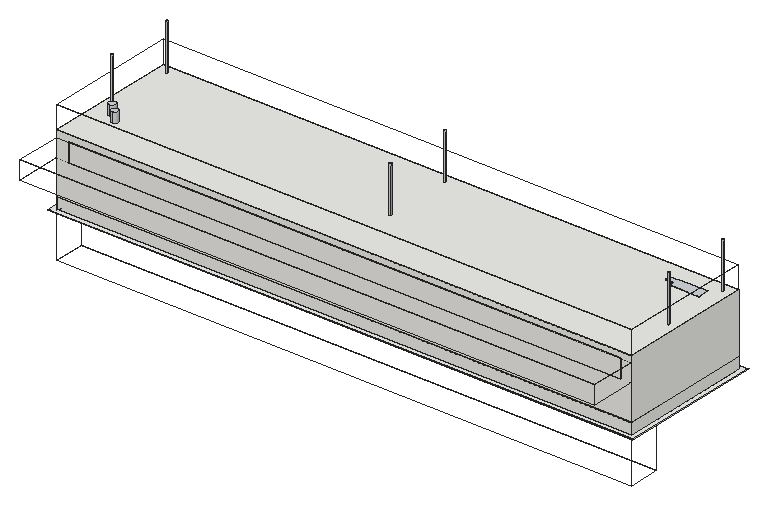
Revit family "AIRTECNICS_AIR CURTAIN_RECESSED DAM_DX-VRV_(DAIKIN)123", category Equipos mecánicos, Revit 2016
Family settings
  Tipo de pieza = Normal
  Cota de conector redondo = Diámetro de uso
  Número OmniClass = 23.75.70.21.17
  Título OmniClass = Air Curtains
  Se basa en plano de trabajo = No
  Siempre vertical = Sí
  Corte con vacíos al cargar = No
  Compartido = No
  Punto de cálculo de habitación = No
Parameters (values of type "RDAM ECM 2500 VRV24-DA")
  · PIPES POSITION · [instance] = "-/ Select Pipes Position /-"  # constant formula
  · OTHERS · [instance] = "-/ Select Supports - Inst.Maint. Space /-"  # constant formula
  · HEATING · = "-/ Heating /-"  # constant formula
  · EXTERNAL UNIT · [instance] = "-/ External Unit Type /-"  # constant formula
  · COIL ROWS · = "-/ DX Coil Rows /-"  # constant formula
  Weight [instance] = size_lookup(Name_Lookup_Data, "Weight", 1.00 kg, CM, CT, CH, CR)  # 106.00 kg
  Voltage [instance] = 230 V  # constant formula
  URL_Manufacturer = "https://www.airtecnics.com"
  URL_Datasheet = "https://www.airtecnics.com/download/file/5854/recessed-dam-dx-daikin-1-1-and-vrv.pdf"
  Triple Phase (External Ut.) [instance] = yes
  Supports Length [instance] = 200.0 mm
  Supports (Horizontal) [instance] = yes
  Single Phase (External Ut.) [instance] = not([Triple Phase (External Ut.)])  # no
  Revit Version = "Revit 2016 - English"  # constant formula
  Review Date = "11/18"  # constant formula
  Remote Control = "-"  # constant formula
  Refrigerant Pipes_P4 [instance] = no
  Refrigerant Pipes_P3 [instance] = no
  Refrigerant Pipes_P2 [instance] = if(CW = 0, 1 = 1, 1 = 0)  # yes
  Refrigerant Pipes_P1 [instance] = no
  Product Size = if(CT = 2, "1000", if(CT = 4, "1500", if(CT = 8, "2000", if(CT = 16, "2500", "Consult Manufacturer"))))  # "2500"
  Product Reference [instance] = size_lookup(Name_Lookup_Ref, "", "Consult Manufacturer", CM, CT, CH, CR)  # "RDAM ECM 2500 VRV24-DA"
  Product Heating [instance] = if(DX 1:1, "Direct Expansion 1:1 system", "Direct Expansion VRV system")  # "Direct Expansion VRV system"
  Product Description [instance] = size_lookup(Name_Lookup_Data, "", "Consult Manufacturer", CM, CT, CH, CR)  # "Compact and low profile recessed air curtain with full grille view and energy savings heat pump: Up to 70% reduction in costs and CO2 emissions (heating mode).\r\nSelf-supporting casing construction made of galvanized steel plate, ready to be installed recessed in a false ceiling. \r\nInlet grille (free of maintenance) made with aluminium profiles and blow-out nozzle, integrated in a single white frame colour RAL 9016. Other colours are available on request. \r\nDouble-inlet centrifugal fans driven by an external rotor motor and low noise level. 5-speed selector. EC models assembled with very low consumption efficiency fans. \r\nIncludes only heating direct expansion coil with installed temperature sensors. Under request it can be modified to work in cooling and heating mode (not recomended) with optional condensate water pump.\r\nPlug&Play control panel CS-5DX-NE slave DX with 5 speeds selector and 7m telephone cable included.\r\nReady to connect to DAIKIN VRV outdoor heat pump unit (R410A) and EKEXV200 expansion valve not included, the customer should purchase it.\r\nRequires EKEQMCBA DAIKIN VRV Interface KIT adapted for air curtain and BRC1E53A programmable control, please consult.\r\nAir Volume: 4100 m3/h \r\nFans:  0,355 kW  3,1 A 230Vx1 50/60Hz\r\nHeating capacity: 24,38 kW\r\nDimensions: 627x310x2548 mm (depth, height, length)\r\nNOT SUPPLIED BY AIRTÈCNICS:\r\nEKEQMCBA Interface VRV kit and BRC1E53A programmable control.\r\nExpansion valve EKEXV200.\r\nExternal unit VRV."
  Power Fans Factor [instance] = size_lookup(Name_Lookup_Data, "Power Fans Factor", 1, CM, CT, CH, CR)  # 0.5
  Power Fans [instance] = size_lookup(Name_Lookup_Data, "Power Fans", 1 kW, CM, CT, CH, CR)  # 0.355 kW
  Noise Level (dB(A)) [instance] = size_lookup(Name_Lookup_Data, "Noise Level (dB(A))", 1, CM, CT, CH, CR)  # 59
  Name_Lookup_Ref_EU = "R_DAM_(DX)_DA_Ref_EU_Lookup"  # constant formula
  Name_Lookup_Ref = "R_DAM_(DX)_DA_Ref_Lookup"  # constant formula
  Name_Lookup_Data3 = "R_DAM_(DX)_DA_ExpValve_Lookup"  # constant formula
  Name_Lookup_Data2 = "R_DAM_(DX)_DA_Mainfolds_Lookup"  # constant formula
  Name_Lookup_Data = "R_DAM_(DX)_DA_Data_Lookup"  # constant formula
  Material Curtain [instance] = AIRTECNICS_White RAL 9016
  Mainfolds [instance] = size_lookup(Name_Lookup_Data2, "", "Consult Manufacturer", CM, CT, CH, CR)  # "3/4 & 3/8"
  M = yes
  Length = L + 48.0 mm + Depth - Depth  # 2548.0 mm
  IfcExportType = "DXCOOLINGCOIL"  # constant formula
  IfcExportAs = "IfcCoilType"  # constant formula
  Height = 310.0 mm  # constant formula
  Heating Capacity [instance] = size_lookup(Name_Lookup_Data, "Heating Capacity", 1 kW, CM, CT, CH, CR)  # 24.38 kW
  Gas Coil Volume [instance] = size_lookup(Name_Lookup_Data, "Gas Coil Volume", 1.00 L, CM, CT, CH, CR)  # 5.30 L
  G = not(M)  # no
  Frequency = 50 Hz  # constant formula
  Fans Stage = 5  # constant formula
  Family Version = "1.0"  # constant formula
  External Ut. Reference [instance] = size_lookup(Name_Lookup_Ref_EU, "", "Consult Manufacturer", CM, CT, CH, CR, CEU)  # "Not available"
  Expansion Valve [instance] = size_lookup(Name_Lookup_Data3, "", "Consult Manufacturer", CM, CT, CH, CR)  # "EKEXV 200"
  EC = 1 = 1  # yes
  Dn_Metric_Refrig_Liquid [instance] = size_lookup(Name_Lookup_Data2, "Dn_Liquid", 1 mm, CM, CT, CH, CR)  # 10 mm
  Dn_Metric_Refrig_Gas [instance] = size_lookup(Name_Lookup_Data2, "Dn_Gas", 1 mm, CM, CT, CH, CR)  # 20 mm
  Depth = 627.0 mm  # constant formula
  DX VRV = not(DX 1:1)  # yes
  DX Kit [instance] = if(DX VRV, "EKEQMCBA", "EKEQDCB")  # "EKEQMCBA"
  DX Controller [instance] = "BRC1H519W"  # constant formula
  DX Coil Rows = 4 = yes
  DX Coil Rows = 3 = not([DX Coil Rows = 4])  # no
  DX Coil Rows [instance] = if(CR = 2, 4, if(CR = 4, 3, if(CR = 0, 2, 0)))  # 4
  DX 1:1 = no
  Current Fans [instance] = size_lookup(Name_Lookup_Data, "Current Fans", 1 A, CM, CT, CH, CR)  # 3.1 A
  Created by = "BIMETRICAL"  # constant formula
  Control [instance] = "CS-5DX-NE"  # constant formula
  Capacity_Frig_Liquid [instance] = 0 m³/h
  Capacity_Frig_Gas [instance] = 0 m³/h
  Cable = "CB7"  # constant formula
  URL = "https://www.airtecnics.com/products/heat-pump-air-curtain-recessed-dam-dx-for-daikin"
  Modelo = "Air Curtain Recessed DAM DX/VRV DA"  # constant formula
  L = 2500.0 mm
  Imagen de tipo = <Ninguno>
  Fabricante = "AIRTECNICS"  # constant formula
  Description = ""
  Comentarios de tipo = "Compact and low profile recessed air curtain with full grille view and energy savings heat pump: Up to 70% reduction in costs and CO2 emissions (heating mode).\r\nSelf-supporting casing construction made of galvanized steel plate, ready to be installed recessed in a false ceiling. \r\nInlet grille (free of maintenance) made with aluminium profiles and blow-out nozzle, integrated in a single white frame colour RAL 9016. Other colours are available on request. \r\nDouble-inlet centrifugal fans driven by an external rotor motor and low noise level. 5-speed selector. EC models assembled with very low consumption efficiency fans. \r\nIncludes only heating direct expansion coil with installed temperature sensors. Under request it can be modified to work in cooling and heating mode (not recomended) with optional condensate water pump.\r\nPlug&Play control panel CS-5DX-NE slave DX with 5 speeds selector and 7m telephone cable included.\r\nDX 1:1:\r\nReady to connect to DAIKIN Inverter outdoor heat pump unit (R410A) and  expansion valve not included, the customer should purchase it.\r\nRequires  DAIKIN DX Interface KIT adapted for air curtain and  programmable control, please consult.\r\nDX VRV:\r\nReady to connect to DAIKIN VRV outdoor heat pump unit (R410A) and  expansion valve not included, the customer should purchase it.\r\nRequires  DAIKIN VRV Interface KIT adapted for air curtain and  programmable control, please consult."  # constant formula
  CW [instance] = if(Refrigerant Pipes_P1, 2, 0) + if(Refrigerant Pipes_P3, 4, 0) + if(Refrigerant Pipes_P4, 8, 0)  # 0
  CT = if(L = 1000.0 mm, 2, 0) + if(L = 1500.0 mm, 4, 0) + if(L = 2000.0 mm, 8, 0) + if(L = 2500.0 mm, 16, 0)  # 16
  CR [instance] = if([DX Coil Rows = 4], 2, 0) + if([DX Coil Rows = 3], 4, 0)  # 2
  CM = if(M, 2, 0) + if(EC, 4, 0) + if(G, 8, 0)  # 6
  CH [instance] = if(DX 1:1, 2, 0) + if(DX VRV, 4, 0)  # 4
  CEU [instance] = if([Single Phase (External Ut.)], 2, 0) + if([Triple Phase (External Ut.)], 4, 0)  # 4
  BIMETRICAL Category = "Coil"  # constant formula
  BIMETRICAL = "http://www.bimetrical.com/"  # constant formula
  Aspiration/Maintenance Space [instance] = yes
  Apparent Load [instance] = size_lookup(Name_Lookup_Data, "Apparent Load", 1 VA, CM, CT, CH, CR)  # 710 VA
  Airflow [instance] = size_lookup(Name_Lookup_Data, "Airflow", 1 m³/h, CM, CT, CH, CR)  # 4100 m³/h
Reference planes
  plane 1 "Centro (Frontal/Posterior)": z = 0
  plane 2: y = 246.57
  plane 3 "Centro (Izquierda/Derecha)": x = 0
Nested families
  nested 1: "GEOM_RECESSED DAM_(DX)" at (0, 246.57, -2) x (-1, 0, 0) z (0, 0, 1), P1 <- "Refrigerant Pipes_P1", P3 <- "Refrigerant Pipes_P3", P4 <- "Refrigerant Pipes_P4", type "BASE"
    with VAMP4 no, VAMP1 no, P4 no, P3 no, P2 yes, P1 no, C_P 2, C_L 8, CH_4 398.5 mm, CH_3 218.8 mm, CH_2 99.5 mm, CH_1 91.2 mm, CC_4 431.5 mm, CC_3 33.0 mm, CC_2 137.5 mm, CC_1 277.2 mm, AH 90.00°, AC 90.00°, N 11, L3 240.8 mm, L2 49.5 mm, L1 2548.0 mm, L 2500.0 mm, C 238.88 mm, A1 2438.0 mm
Connectors
  piping at (-1174, 161.57, 348), diameter 20, driven by "Capacity_Frig_Gas", driven by "Dn_Metric_Refrig_Gas"
    settings: on nested 1, index 1, connector inside diameter 609.6 mm, connector length 0.0 mm, flow factor 0, pipe flow 0 m³/h, pressure drop 0.0 Pa, fitting loss kfactor 0, connector angle 0.00°, fixture units 0, engagement length 0.0 mm, angle of deflection 0.00°, flow configuration 1, flow direction 1, fitting loss method 0, system type 7, joint type 0, gender type 0, connector reference index -1, connector utility 0, adjustable connector no, is connector primary yes, connector description "In"
  piping at (-1136, 128.57, 348.2), diameter 10, driven by "Capacity_Frig_Liquid", driven by "Dn_Metric_Refrig_Liquid"
    settings: on nested 1, index 2, connector inside diameter 609.6 mm, connector length 0.0 mm, flow factor 0, pipe flow 0 m³/h, pressure drop 0.0 Pa, fitting loss kfactor 0, connector angle 0.00°, fixture units 0, engagement length 0.0 mm, angle of deflection 0.00°, flow configuration 1, flow direction 2, fitting loss method 0, system type 8, joint type 0, gender type 0, connector reference index -1, connector utility 0, adjustable connector no, is connector primary no, connector description "Out"
  electrical at (1069.129, 446.424, 309), driven by "Voltage", driven by "Apparent Load", driven by "Power Fans Factor"
    settings: on nested 1, index 3, voltage 230 V, apparent load 710 VA, apparent load phase1 0 VA, apparent load phase2 0 VA, apparent load phase3 0 VA, power factor 0.5, load classification "HVAC", number of poles 1, system type 30, power factor state 1, is connector primary yes, connector utility no, sub classification motor no, connector description ""
Definition of nested family "GEOM_RECESSED DAM_(DX)"
  Parameters (values of type "BASE")
    VSUP2 = if(and(Supports Length > 0.0 mm, L > 1000.0 mm, [Supports (Horizontal)]), 1 = 1, 1 = 0)  # yes
    VSUP1 = if(and(Supports Length > 0.0 mm, [Supports (Horizontal)]), 1 = 1, 1 = 0)  # yes
    VAMP4 [instance] = if(and(P, P4, [Aspiration/Maintenance Space]), 1 = 1, 1 = 0)  # no
    VAMP1 [instance] = if(and(P, P1, [Aspiration/Maintenance Space]), 1 = 1, 1 = 0)  # no
    Supports Length = 200.0 mm
    Supports (Horizontal) = yes
    Revit Version = "Revit 2016 - English"  # constant formula
    Review Date = "11/2018"  # constant formula
    P4 [instance] = no
    P3 [instance] = yes
    P2 [instance] = not(or(P1, P3, P4))  # no
    P1 [instance] = no
    P = 1 = 1  # yes
    Name_CH = "CH_Dimensions_LookupDX"  # constant formula
    Name_CC = "CC_Dimensions_LookupDX"  # constant formula
    N = if(L = 1000.0 mm, 5, if(L = 1500.0 mm, 7, if(L = 2000.0 mm, 9, 11)))  # 7
    Model = "RECESSED DAM (DX)"  # constant formula
    Material Curtain = none
    Manufacturer = "AIRTECNICS"  # constant formula
    L_sup = if(Supports Length = 0.0 mm, 1.0 mm, Supports Length)  # 200.0 mm
    L3 = if(L = 1000.0 mm, 227.0 mm, if(L = 1500.0 mm, 234.8 mm, if(L = 2000.0 mm, 238.5 mm, 240.8 mm)))  # 234.8 mm
    L2 = if(L = 1000.0 mm, 51.75 mm, if(L = 1500.0 mm, 46.75 mm, if(L = 2000.0 mm, 40.0 mm, 49.5 mm)))  # 46.75 mm
    L1 = L + 48.0 mm  # 1548.0 mm
    L = 1500.0 mm
    Family Version = "1.0"  # constant formula
    Created by = "BIMETRICAL"  # constant formula
    C_P [instance] = if(P1, 1, 0) + if(P2, 2, 0) + if(P3, 4, 0) + if(P4, 8, 0)  # 4
    C_L [instance] = if(L = 1500.0 mm, 2, 0) + if(L = 2000.0 mm, 4, 0) + if(L = 2500.0 mm, 8, 0)  # 2
    CH_4 [instance] = size_lookup(Name_CH, "CH_4", 398.5 mm, C_L, C_P)  # 398.5 mm
    CH_3 [instance] = size_lookup(Name_CH, "CH_3", 218.8 mm, C_L, C_P)  # 33.0 mm
    CH_2 [instance] = size_lookup(Name_CH, "CH_2", 100.5 mm, C_L, C_P)  # 1409.5 mm
    CH_1 [instance] = size_lookup(Name_CH, "CH_1", 91.2 mm, C_L, C_P)  # 277.2 mm
    CC_4 [instance] = size_lookup(Name_CC, "CC_4", 431.5 mm, C_L, C_P)  # 431.5 mm
    CC_3 [instance] = size_lookup(Name_CC, "CC_3", 33.0 mm, C_L, C_P)  # 218.8 mm
    CC_2 [instance] = size_lookup(Name_CC, "CC_2", 138.5 mm, C_L, C_P)  # 1447.5 mm
    CC_1 [instance] = size_lookup(Name_CC, "CC_1", 277.2 mm, C_L, C_P)  # 91.2 mm
    C = if(L = 1000.0 mm, 227.75 mm, if(L = 1500.0 mm, 235.1 mm, 238.88 mm))  # 235.1 mm
    BIMETRICAL = "http://www.bimetrical.com/"  # constant formula
    B1 = 1.5 mm
    B = 1.0 mm
    Aspiration/Maintenance Space = yes
    AH [instance] = size_lookup(Name_CH, "AH", 90.00°, C_L, C_P)  # 90.00°
    AC [instance] = size_lookup(Name_CC, "AC", 90.00°, C_L, C_P)  # 90.00°
    A1 = L - 62.0 mm  # 1438.0 mm
    A = 197.8 mm
  Reference planes
    plane 1 "Centro (Frontal/Posterior)": y = 0
    plane 2: z = 0
    plane 3 "Centro (Izquierda/Derecha)": x = 0
    plane 4: y = 313.5
    plane 5: y = -313.5
    plane 6: y = 290
    plane 7: y = -290
    plane 8: z = 310
    plane 9: z = 50
    plane 10: z = 2
    plane 11: x = -773.5
    plane 12: x = -750
    plane 13: x = 773.5
    plane 14: x = 750
    plane 15: y = -256
    plane 16: y = 41
    plane 17: x = -710
    plane 18: x = 710
    plane 19: y = 41
    plane 20: y = -256
    plane 21: y = 170
    plane 22: z = 25
    plane 23: z = 17
    plane 24: x = -707.5
    plane 25: x = -703.5
    plane 26: x = -705.5
    plane 27: x = -472.7
    plane 28: x = -468.7
    plane 29: x = -470.7
    plane 30: x = -237.9
    plane 31: x = -233.9
    plane 32: x = -235.9
    plane 33: x = -3.1
    plane 34: x = 0.9
    plane 35: x = -1.1
    plane 36: x = 231.7
    plane 37: x = 235.7
    plane 38: x = 233.7
    plane 39: x = 773.5
    plane 40: x = -674
    plane 41: x = -636
    plane 42: y = 85
    plane 43: y = 118
    plane 44: z = 91.2
    plane 45: z = 277.2
    plane 46: x = 466.5
    plane 47: x = 470.5
    plane 48: x = 468.5
    plane 49: x = 701.3
    plane 50: x = 705.3
    plane 51: x = 703.3
  Forms (mm)
    Sweep 1, solid, material <- "Material Curtain"
      path origin (0, 0, 0) x (1, 0, 0) y (0, 1, 0)
        loop
          line (-773.5, 313.5) -> (-773.5, -313.5) -> (773.5, -313.5) -> (773.5, 313.5) -> (-773.5, 313.5)
      profile origin (-773.5, 0, 0) x (-1, 0, 0) y (0, 0, 1)
        loop
          line (0, 0) -> (0, 2) -> (-22, 2) -> (-22, 50) -> (-23.5, 50) -> (-23.5, 0) -> (0, 0)
    Extrusion 2, solid, material <- "Material Curtain"
      sketch origin (0, 0, 0) x (1, 0, 0) y (0, 1, 0)
        loop
          line (-750, 290) -> (-750, -290) -> (750, -290) -> (750, 290) -> (-750, 290)
      from 50 to 310
    Extrusion 3, solid, visible <- "VSUP1"
      sketch origin (-1376.546, -1524, 310) x (-1, 0, 0) y (0, -1, 0)
        loop
          circle (-666.546, -1565) r 4
        loop
          circle (-666.546, -1268) r 4
        loop
          circle (-2086.546, -1268) r 4
        loop
          circle (-2086.546, -1565) r 4
      from -1 to 200
    Extrusion 4, solid, visible <- "VSUP2"
      sketch origin (-1376.546, -1524, 310) x (-1, 0, 0) y (0, -1, 0)
        loop
          circle (-1376.546, -1565) r 4
        loop
          circle (-1376.546, -1268) r 4
      from 0 to 200
    Extrusion 5, void
      sketch origin (-1802.24, 290, 1200) x (-1, 0, 0) y (0, 0, 1)
        loop
          line (-2505.49, -918.496) -> (-2505.49, -998.496) -> (-1802.24, -998.496) -> (-1098.99, -998.496) -> (-1098.99, -918.496) -> (-1802.24, -918.496) -> (-2505.49, -918.496)
      from 0 to -5
    Extrusion 6, solid
      sketch origin (-1802.24, 290, 1200) x (-1, 0, 0) y (0, 0, 1)
        loop
          line (-2505.49, -918.496) -> (-2505.49, -998.496) -> (-1802.24, -998.496) -> (-1098.99, -998.496) -> (-1098.99, -918.496) -> (-1802.24, -918.496) -> (-2505.49, -918.496)
      from 0 to -1
    Extrusion 7, solid, material <- "Material Curtain"
      sketch origin (500, 0, 0) x (1, 0, 0) y (0, 1, 0)
        loop
          line (-1203.5, 286.998) -> (-1207.5, 286.998) -> (-1207.5, -287.002) -> (-1203.5, -287.002) -> (-1203.5, 286.998)
      from 17 to 25
    Extrusion 8, solid, material <- "Material Curtain"
      sketch origin (734.8, 0, 0) x (1, 0, 0) y (0, 1, 0)
        loop
          line (-1203.5, 286.998) -> (-1207.5, 286.998) -> (-1207.5, -287.002) -> (-1203.5, -287.002) -> (-1203.5, 286.998)
      from 17 to 25
    Extrusion 9, solid, material <- "Material Curtain"
      sketch origin (969.6, 0, 0) x (1, 0, 0) y (0, 1, 0)
        loop
          line (-1203.5, 286.998) -> (-1207.5, 286.998) -> (-1207.5, -287.002) -> (-1203.5, -287.002) -> (-1203.5, 286.998)
      from 17 to 25
    Extrusion 10, solid, material <- "Material Curtain"
      sketch origin (1204.4, 0, 0) x (1, 0, 0) y (0, 1, 0)
        loop
          line (-1203.5, 286.998) -> (-1207.5, 286.998) -> (-1207.5, -287.002) -> (-1203.5, -287.002) -> (-1203.5, 286.998)
      from 17 to 25
    Extrusion 11, solid, material <- "Material Curtain"
      sketch origin (1439.2, 0, 0) x (1, 0, 0) y (0, 1, 0)
        loop
          line (-1203.5, 286.998) -> (-1207.5, 286.998) -> (-1207.5, -287.002) -> (-1203.5, -287.002) -> (-1203.5, 286.998)
      from 17 to 25
    Extrusion 12, solid, visible <- "P"
      sketch origin (-637.077, 82.636, 310.2) x (0, -1, 0) y (1, 0, 0)
        loop
          circle (-2.364, 1.077) r 15.5
      from 0 to 40
    Extrusion 13, solid, visible <- "P"
      sketch origin (-673.438, 119.477, 310) x (0, -1, 0) y (1, 0, 0)
        loop
          circle (1.477, -0.562) r 13.5
      from 0 to 40
    Extrusion 14, solid
      sketch origin (-1376.546, -1524, 310) x (-1, 0, 0) y (0, -1, 0)
        loop
          line (-830.042, -1353.296) -> (-702.542, -1353.296) -> (-702.542, -1303.996) -> (-830.042, -1303.996) -> (-830.042, -1307.996) -> (-867.042, -1307.996) -> (-867.042, -1331.296) -> (-830.042, -1331.296) -> (-830.042, -1353.296)
      from 0 to 1
    Extrusion 15, solid, visible <- "VAMP1"
      sketch origin (750, 311.264, 1200) x (0, 1, 0) y (0, 0, -1)
        loop
          line (-601.264, 890) -> (-21.264, 890) -> (-21.264, 1150) -> (-601.264, 1150) -> (-601.264, 890)
      from 0 to -100
    Extrusion 16, solid, visible <- "VAMP4"
      sketch origin (-750, 311.264, 1200) x (0, 1, 0) y (0, 0, 1)
        loop
          line (-601.264, -890) -> (-601.264, -1150) -> (-21.264, -1150) -> (-21.264, -890) -> (-601.264, -890)
      from 0 to -100
    Extrusion 17, solid, visible <- "Aspiration/Maintenance Space"
      sketch origin (-1802.24, 290, 1200) x (-1, 0, 0) y (0, 0, 1)
        loop
          line (-2552.24, -918.496) -> (-2552.24, -998.496) -> (-1052.24, -998.496) -> (-1052.24, -918.496) -> (-2552.24, -918.496)
      from 0 to 200
    Extrusion 18, solid, visible <- "Aspiration/Maintenance Space"
      sketch origin (-750, 311.264, 1200) x (0, 1, 0) y (0, 0, 1)
        loop
          line (-601.264, -890) -> (-21.264, -890) -> (-21.264, -790) -> (-601.264, -790) -> (-601.264, -890)
      from 0 to 1500
    Extrusion 19, solid, visible <- "Aspiration/Maintenance Space"
      sketch origin (750, 311.264, 1200) x (0, 1, 0) y (0, 0, -1)
        loop
          line (-21.264, 1200) -> (-21.264, 1400) -> (-157.264, 1400) -> (-157.264, 1200) -> (-21.264, 1200)
      from 0 to 1500
    Extrusion 20, solid, material <- "Material Curtain"
      sketch origin (1674, 0, 0) x (1, 0, 0) y (0, 1, 0)
        loop
          line (-1203.5, 286.998) -> (-1207.5, 286.998) -> (-1207.5, -287.002) -> (-1203.5, -287.002) -> (-1203.5, 286.998)
      from 17 to 25
    Extrusion 21, solid, material <- "Material Curtain"
      sketch origin (1908.8, 0, 0) x (1, 0, 0) y (0, 1, 0)
        loop
          line (-1203.5, 286.998) -> (-1207.5, 286.998) -> (-1207.5, -287.002) -> (-1203.5, -287.002) -> (-1203.5, 286.998)
      from 17 to 25
    Extrusion 22, solid, material <- "Material Curtain"
      sketch origin (850, 311.264, 1200) x (0, -1, 0) y (0, 0, -1)
        loop
          arc (82.767, 1195.605) -> (78.829, 1197.715) -> (74.424, 1198.456) r 13.8
          arc (74.424, 1198.456) -> (73.675, 1197.864) -> (74.325, 1197.164) r 0.65
          arc (74.325, 1197.164) -> (78.603, 1196.427) -> (82.371, 1194.27) r 12.5
          line (82.371, 1194.27) -> (97.373, 1182.759) -> (97.373, 1173.4) -> (98.673, 1173.4) -> (98.673, 1183.4) -> (82.767, 1195.605)
        loop
          arc (59.967, 1195.605) -> (56.029, 1197.715) -> (51.624, 1198.456) r 13.8
          arc (51.624, 1198.456) -> (50.875, 1197.864) -> (51.525, 1197.164) r 0.65
          arc (51.525, 1197.164) -> (55.803, 1196.427) -> (59.571, 1194.27) r 12.5
          line (59.571, 1194.27) -> (74.573, 1182.759) -> (74.573, 1173.4) -> (75.873, 1173.4) -> (75.873, 1183.4) -> (59.967, 1195.605)
        loop
          arc (151.167, 1195.605) -> (147.229, 1197.715) -> (142.824, 1198.456) r 13.8
          arc (142.824, 1198.456) -> (142.075, 1197.864) -> (142.725, 1197.164) r 0.65
          arc (142.725, 1197.164) -> (147.003, 1196.427) -> (150.771, 1194.27) r 12.5
          line (150.771, 1194.27) -> (165.773, 1182.759) -> (165.773, 1173.4) -> (167.073, 1173.4) -> (167.073, 1183.4) -> (151.167, 1195.605)
        loop
          arc (128.367, 1195.605) -> (124.429, 1197.715) -> (120.024, 1198.456) r 13.8
          arc (120.024, 1198.456) -> (119.275, 1197.864) -> (119.925, 1197.164) r 0.65
          arc (119.925, 1197.164) -> (124.203, 1196.427) -> (127.971, 1194.27) r 12.5
          line (127.971, 1194.27) -> (142.973, 1182.759) -> (142.973, 1173.4) -> (144.273, 1173.4) -> (144.273, 1183.4) -> (128.367, 1195.605)
        loop
          arc (105.567, 1195.605) -> (101.629, 1197.715) -> (97.224, 1198.456) r 13.8
          arc (97.224, 1198.456) -> (96.475, 1197.864) -> (97.125, 1197.164) r 0.65
          arc (97.125, 1197.164) -> (101.403, 1196.427) -> (105.171, 1194.27) r 12.5
          line (105.171, 1194.27) -> (120.173, 1182.759) -> (120.173, 1173.4) -> (121.473, 1173.4) -> (121.473, 1183.4) -> (105.567, 1195.605)
        loop
          arc (219.567, 1195.605) -> (215.629, 1197.715) -> (211.224, 1198.456) r 13.8
          arc (211.224, 1198.456) -> (210.475, 1197.864) -> (211.125, 1197.164) r 0.65
          arc (211.125, 1197.164) -> (215.403, 1196.427) -> (219.171, 1194.27) r 12.5
          line (219.171, 1194.27) -> (234.173, 1182.759) -> (234.173, 1173.4) -> (235.473, 1173.4) -> (235.473, 1183.4) -> (219.567, 1195.605)
        loop
          arc (196.767, 1195.605) -> (192.829, 1197.715) -> (188.424, 1198.456) r 13.8
          arc (188.424, 1198.456) -> (187.675, 1197.864) -> (188.325, 1197.164) r 0.65
          arc (188.325, 1197.164) -> (192.603, 1196.427) -> (196.371, 1194.27) r 12.5
          line (196.371, 1194.27) -> (211.373, 1182.759) -> (211.373, 1173.4) -> (212.673, 1173.4) -> (212.673, 1183.4) -> (196.767, 1195.605)
        loop
          arc (173.967, 1195.605) -> (170.029, 1197.715) -> (165.624, 1198.456) r 13.8
          arc (165.624, 1198.456) -> (164.875, 1197.864) -> (165.525, 1197.164) r 0.65
          arc (165.525, 1197.164) -> (169.803, 1196.427) -> (173.571, 1194.27) r 12.5
          line (173.571, 1194.27) -> (188.573, 1182.759) -> (188.573, 1173.4) -> (189.873, 1173.4) -> (189.873, 1183.4) -> (173.967, 1195.605)
        loop
          arc (287.967, 1195.605) -> (284.029, 1197.715) -> (279.624, 1198.456) r 13.8
          arc (279.624, 1198.456) -> (278.875, 1197.864) -> (279.525, 1197.164) r 0.65
          arc (279.525, 1197.164) -> (283.803, 1196.427) -> (287.571, 1194.27) r 12.5
          line (287.571, 1194.27) -> (302.573, 1182.759) -> (302.573, 1173.4) -> (303.873, 1173.4) -> (303.873, 1183.4) -> (287.967, 1195.605)
        loop
          arc (265.167, 1195.605) -> (261.229, 1197.715) -> (256.824, 1198.456) r 13.8
          arc (256.824, 1198.456) -> (256.075, 1197.864) -> (256.725, 1197.164) r 0.65
          arc (256.725, 1197.164) -> (261.003, 1196.427) -> (264.771, 1194.27) r 12.5
          line (264.771, 1194.27) -> (279.773, 1182.759) -> (279.773, 1173.4) -> (281.073, 1173.4) -> (281.073, 1183.4) -> (265.167, 1195.605)
        loop
          arc (242.367, 1195.605) -> (238.429, 1197.715) -> (234.024, 1198.456) r 13.8
          arc (234.024, 1198.456) -> (233.275, 1197.864) -> (233.925, 1197.164) r 0.65
          arc (233.925, 1197.164) -> (238.203, 1196.427) -> (241.971, 1194.27) r 12.5
          line (241.971, 1194.27) -> (256.973, 1182.759) -> (256.973, 1173.4) -> (258.273, 1173.4) -> (258.273, 1183.4) -> (242.367, 1195.605)
        loop
          arc (356.367, 1195.605) -> (352.429, 1197.715) -> (348.024, 1198.456) r 13.8
          arc (348.024, 1198.456) -> (347.275, 1197.864) -> (347.925, 1197.164) r 0.65
          arc (347.925, 1197.164) -> (352.203, 1196.427) -> (355.971, 1194.27) r 12.5
          line (355.971, 1194.27) -> (370.973, 1182.759) -> (370.973, 1173.4) -> (372.273, 1173.4) -> (372.273, 1183.4) -> (356.367, 1195.605)
        loop
          arc (333.567, 1195.605) -> (329.629, 1197.715) -> (325.224, 1198.456) r 13.8
          arc (325.224, 1198.456) -> (324.475, 1197.864) -> (325.125, 1197.164) r 0.65
          arc (325.125, 1197.164) -> (329.403, 1196.427) -> (333.171, 1194.27) r 12.5
          line (333.171, 1194.27) -> (348.173, 1182.759) -> (348.173, 1173.4) -> (349.473, 1173.4) -> (349.473, 1183.4) -> (333.567, 1195.605)
        loop
          arc (310.767, 1195.605) -> (306.829, 1197.715) -> (302.424, 1198.456) r 13.8
          arc (302.424, 1198.456) -> (301.675, 1197.864) -> (302.325, 1197.164) r 0.65
          arc (302.325, 1197.164) -> (306.603, 1196.427) -> (310.371, 1194.27) r 12.5
          line (310.371, 1194.27) -> (325.373, 1182.759) -> (325.373, 1173.4) -> (326.673, 1173.4) -> (326.673, 1183.4) -> (310.767, 1195.605)
        loop
          arc (424.767, 1195.605) -> (420.829, 1197.715) -> (416.424, 1198.456) r 13.8
          arc (416.424, 1198.456) -> (415.675, 1197.864) -> (416.325, 1197.164) r 0.65
          arc (416.325, 1197.164) -> (420.603, 1196.427) -> (424.371, 1194.27) r 12.5
          line (424.371, 1194.27) -> (439.373, 1182.759) -> (439.373, 1173.4) -> (440.673, 1173.4) -> (440.673, 1183.4) -> (424.767, 1195.605)
        loop
          arc (401.967, 1195.605) -> (398.029, 1197.715) -> (393.624, 1198.456) r 13.8
          arc (393.624, 1198.456) -> (392.875, 1197.864) -> (393.525, 1197.164) r 0.65
          arc (393.525, 1197.164) -> (397.803, 1196.427) -> (401.571, 1194.27) r 12.5
          line (401.571, 1194.27) -> (416.573, 1182.759) -> (416.573, 1173.4) -> (417.873, 1173.4) -> (417.873, 1183.4) -> (401.967, 1195.605)
        loop
          arc (379.167, 1195.605) -> (375.229, 1197.715) -> (370.824, 1198.456) r 13.8
          arc (370.824, 1198.456) -> (370.075, 1197.864) -> (370.725, 1197.164) r 0.65
          arc (370.725, 1197.164) -> (375.003, 1196.427) -> (378.771, 1194.27) r 12.5
          line (378.771, 1194.27) -> (393.773, 1182.759) -> (393.773, 1173.4) -> (395.073, 1173.4) -> (395.073, 1183.4) -> (379.167, 1195.605)
        loop
          arc (447.567, 1195.605) -> (443.629, 1197.715) -> (439.224, 1198.456) r 13.8
          arc (439.224, 1198.456) -> (438.475, 1197.864) -> (439.125, 1197.164) r 0.65
          arc (439.125, 1197.164) -> (443.403, 1196.427) -> (447.171, 1194.27) r 12.5
          line (447.171, 1194.27) -> (462.173, 1182.759) -> (462.173, 1173.4) -> (463.473, 1173.4) -> (463.473, 1183.4) -> (447.567, 1195.605)
        loop
          arc (493.167, 1195.605) -> (489.229, 1197.715) -> (484.824, 1198.456) r 13.8
          arc (484.824, 1198.456) -> (484.075, 1197.864) -> (484.725, 1197.164) r 0.65
          arc (484.725, 1197.164) -> (489.003, 1196.427) -> (492.771, 1194.27) r 12.5
          line (492.771, 1194.27) -> (507.773, 1182.759) -> (507.773, 1173.4) -> (509.073, 1173.4) -> (509.073, 1153) -> (512.073, 1153) -> (512.073, 1198.4) -> (509.073, 1198.4) -> (509.073, 1183.4) -> (493.167, 1195.605)
        loop
          arc (470.367, 1195.605) -> (466.429, 1197.715) -> (462.024, 1198.456) r 13.8
          arc (462.024, 1198.456) -> (461.275, 1197.864) -> (461.925, 1197.164) r 0.65
          arc (461.925, 1197.164) -> (466.203, 1196.427) -> (469.971, 1194.27) r 12.5
          line (469.971, 1194.27) -> (484.973, 1182.759) -> (484.973, 1173.4) -> (486.273, 1173.4) -> (486.273, 1183.4) -> (470.367, 1195.605)
        loop
          arc (37.167, 1195.605) -> (33.229, 1197.715) -> (28.824, 1198.456) r 13.8
          arc (28.824, 1198.456) -> (28.075, 1197.864) -> (28.725, 1197.164) r 0.65
          arc (28.725, 1197.164) -> (33.003, 1196.427) -> (36.771, 1194.27) r 12.5
          line (36.771, 1194.27) -> (51.773, 1182.759) -> (51.773, 1173.4) -> (53.073, 1173.4) -> (53.073, 1183.4) -> (37.167, 1195.605)
        loop
          line (523.813, 1198.4) -> (523.813, 1173.4) -> (526.813, 1173.4) -> (526.813, 1198.4) -> (523.813, 1198.4)
        loop
          line (538.553, 1198.4) -> (538.553, 1173.4) -> (541.553, 1173.4) -> (541.553, 1198.4) -> (538.553, 1198.4)
        loop
          line (553.293, 1198.4) -> (553.293, 1173.4) -> (556.293, 1173.4) -> (556.293, 1198.4) -> (553.293, 1198.4)
        loop
          line (568.033, 1198.4) -> (568.033, 1182.616) -> (568.033, 1175.384) -> (568.033, 1173.4) -> (571.033, 1173.4) -> (571.033, 1174.75) -> (571.033, 1183.25) -> (571.033, 1198.4) -> (568.033, 1198.4)
        loop
          line (582.768, 1198.4) -> (582.768, 1175) -> (582.768, 1153) -> (585.768, 1153) -> (585.768, 1175) -> (585.768, 1198.4) -> (582.768, 1198.4)
      from -1600 to -100
  Cuts and joins
    Extrusion 5 cuts Extrusion 2
  Lines and regions (mm)
    symbolic lines
      curve 1: line (-773.5, 313.5, 310) -> (773.5, 313.5, 310)
      curve 2: line (-773.5, -313.5, 310) -> (-773.5, 313.5, 310)
      curve 3: line (773.5, -313.5, 310) -> (-773.5, -313.5, 310)
      curve 4: line (773.5, 313.5, 310) -> (773.5, -313.5, 310)
      curve 5: line (750, -290, 310) -> (-750, -290, 310)
      curve 6: line (750, 290, 310) -> (750, -290, 310)
      curve 7: line (-750, 290, 310) -> (750, 290, 310)
      curve 8: line (-750, -290, 310) -> (-750, 290, 310)
    reference lines
      curve 9: line (-674, 118, 91.2) -> (-674, 118, 310)
      curve 10: line (-636, 85, 277.2) -> (-636, 85, 310.2)
    symbolic lines, visible <- "VAMP4"
      curve 11: line (-750, -290, 310) -> (-850, -290, 310)
      curve 12: line (-850, -290, 310) -> (-850, 290, 310)
      curve 13: line (-850, 290, 310) -> (-750, 290, 310)
      curve 23: line (-750, 0, 50) -> (-850, 0, 50)
      curve 24: line (-850, 0, 50) -> (-850, 0, 310)
      curve 25: line (-850, 0, 310) -> (-750, 0, 310)
    symbolic lines, visible <- "VAMP1"
      curve 14: line (750, 290, 310) -> (850, 290, 310)
      curve 15: line (850, 290, 310) -> (850, -290, 310)
      curve 16: line (850, -290, 310) -> (750, -290, 310)
      curve 20: line (750, 0, 310) -> (850, 0, 310)
      curve 21: line (850, 0, 310) -> (850, 0, 50)
      curve 22: line (850, 0, 50) -> (750, 0, 50)
    symbolic lines, visible <- "Aspiration/Maintenance Space"
      curve 17: line (-750, 290, 310) -> (-750, 490, 310)
      curve 18: line (-750, 490, 310) -> (750, 490, 310)
      curve 19: line (750, 490, 310) -> (750, 290, 310)
      curve 26: line (-750, 0, 0) -> (-750, 0, -200)
      curve 27: line (-750, 0, -200) -> (750, 0, -200)
      curve 28: line (750, 0, -200) -> (750, 0, 0)
      curve 29: line (-750, 0, 310) -> (-750, 0, 410)
      curve 30: line (-750, 0, 410) -> (750, 0, 410)
      curve 31: line (750, 0, 410) -> (750, 0, 310)
      curve 32: line (750, 289, 281.504) -> (750, 490, 281.504)
      curve 33: line (750, 490, 281.504) -> (750, 490, 201.504)
      curve 34: line (750, 490, 201.504) -> (750, 290, 201.504)
      curve 35: line (750, 290, 310) -> (750, 290, 410)
      curve 36: line (750, 290, 410) -> (750, -290, 410)
      curve 37: line (750, -290, 410) -> (750, -290, 310)
      curve 38: line (750, 290, 0) -> (750, 290, -200)
      curve 39: line (750, 290, -200) -> (750, 154, -200)
      curve 40: line (750, 154, -200) -> (750, 154, 0)
    symbolic lines, visible <- "VSUP1"
      curve 41: circle (-710, 41, 310) r 4 normal (0, 0, 1)
      curve 42: circle (-710, -256, 310) r 4 normal (0, 0, 1)
      curve 43: circle (710, -256, 310) r 4 normal (0, 0, 1)
      curve 44: circle (710, 41, 310) r 4 normal (0, 0, 1)
    symbolic lines, visible <- "VSUP2"
      curve 45: circle (0, 41, 310) r 4 normal (0, 0, 1)
      curve 46: circle (0, -256, 310) r 4 normal (0, 0, 1)
  Dimensions and locks
    locked: plane 4 to plane 6 at 23.5
    locked: plane 5 to plane 7 at 23.5
    locked: plane 11 to plane 12 at 23.5
    locked: plane 13 to plane 14 at 23.5
    equal spacing: plane 12, plane 3 "Centro (Izquierda/Derecha)", plane 14
    "L": plane 12 to plane 14
    equal spacing: plane 4, plane 1 "Centro (Frontal/Posterior)", plane 5
    locked: plane 5 to plane 4 at 627
    locked: plane 9 to level at 50
    locked: plane 8 to level at 310
    locked: plane 7 to plane 15 at 34
    locked: plane 16 to plane 15 at 297
    locked: plane 12 to plane 17 at 40
    locked: plane 18 to plane 14 at 40
    locked: plane 20 to plane 7 at 34
    locked: plane 19 to plane 20 at 297
    "Supports Length": Extrusion 3 to plane 8
    "Supports Length": Extrusion 4 to plane 8
    plane 8 to plane 9 = 260.0 mm
    plane 4 to plane 5 = 627.0 mm
    locked: plane 6 to plane 21 at 120
    "L2": Extrusion 5 sketch curve to plane 14
    Extrusion 5 sketch curve to plane 8 = 28.496 mm
    plane 4 to plane 1 "Centro (Frontal/Posterior)" to plane 5 = 313.5 mm, 313.5 mm
    locked: Extrusion 5 sketch curve to Extrusion 5 sketch curve at 80
    locked: plane 9 to Extrusion 6 sketch curve at 151.504
    locked: Extrusion 6 sketch curve to plane 8 at 28.496
    Extrusion 6 sketch curve to Extrusion 6 sketch curve = 80.0 mm
    equal spacing: plane 24, plane 26, plane 25
    locked: plane 12 to plane 26 at 44.5
    equal spacing: plane 27, plane 29, plane 28
    equal spacing: group 1, group 2, group 3, group 4, group 5, group 6, group 7  (x3)
    equal spacing: plane 30, plane 32, plane 31
    "L3": plane 26 to plane 29
    equal spacing: plane 33, plane 35, plane 34
    equal spacing: plane 36, plane 38, plane 37
    locked: plane 14 to plane 39 at 23.5
    "CH_2": plane 41 to plane 39
    "CC_2": plane 40 to plane 39
    "CC_4": plane 5 to plane 43
    "CH_4": plane 5 to plane 42
    "CH_1": level to plane 45
    "CC_1": level to plane 44
    "CC_3": curve 9 to curve 9
    "CH_3": curve 10 to curve 10
    Sweep 1 to Extrusion 14 sketch curve to Extrusion 14 sketch curve to Extrusion 14 sketch curve = 99.496 mm locked, 127.5 mm locked, 37.0 mm locked
    locked: Extrusion 18 sketch curve to Extrusion 18 sketch curve at 100
    locked: Extrusion 19 sketch curve to Extrusion 19 sketch curve at 136
    locked: level to Extrusion 19 sketch curve at 200
    equal spacing: Extrusion 5 sketch curve, plane 3 "Centro (Izquierda/Derecha)", Extrusion 5 sketch curve
    equal spacing: Extrusion 6 sketch curve, plane 3 "Centro (Izquierda/Derecha)", Extrusion 6 sketch curve
    "L2": Extrusion 6 sketch curve to plane 14
    equal spacing: plane 46, plane 48, plane 47
    equal spacing: plane 49, plane 51, plane 50
    diameter of Extrusion 12 sketch curve = 31.0 mm
    diameter of Extrusion 13 sketch curve = 27.0 mm
    "AC": angle plane 44 to curve 9
    "AH": angle plane 45 to curve 10
    aligned and locked: level to plane 2
    aligned and locked: Sweep 1 sketch curve to plane 4
    aligned and locked: plane 11 to Sweep 1 sketch curve
    aligned and locked: Sweep 1 sketch curve to plane 5
    aligned and locked: Sweep 1 sketch curve to plane 13
    aligned and locked: Extrusion 2 sketch curve to plane 6
    aligned and locked: plane 12 to Extrusion 2 sketch curve
    aligned and locked: Extrusion 2 sketch curve to plane 7
    aligned and locked: plane 14 to Extrusion 2 sketch curve
    aligned and locked: Extrusion 2 to plane 9
    aligned and locked: plane 17 to Extrusion 3 sketch curve  (x2)
    aligned and locked: plane 18 to Extrusion 3 sketch curve  (x2)
    aligned and locked: Extrusion 3 sketch curve to plane 16
    aligned and locked: Extrusion 3 sketch curve to plane 15
    aligned and locked: plane 15 to Extrusion 3 sketch curve
    aligned and locked: plane 16 to Extrusion 3 sketch curve
    aligned and locked: plane 3 "Centro (Izquierda/Derecha)" to Extrusion 4 sketch curve  (x2)
    aligned and locked: plane 20 to Extrusion 4 sketch curve
    aligned and locked: plane 19 to Extrusion 4 sketch curve
    aligned and locked: plane 12 to Sweep 1 sketch curve
    aligned and locked: curve 5 to Sweep 1
    aligned and locked: curve 6 to Sweep 1
    aligned and locked: curve 7 to Sweep 1
    aligned and locked: curve 8 to Sweep 1
    aligned and locked: curve 1 to plane 4
    aligned and locked: Extrusion 7 to plane 22
    aligned and locked: plane 23 to Extrusion 7
    aligned and locked: plane 24 to Extrusion 7
    aligned and locked: plane 25 to Extrusion 7
    aligned and locked: plane 27 to Extrusion 8
    aligned and locked: plane 28 to Extrusion 8
    aligned and locked: plane 30 to Extrusion 9
    aligned and locked: plane 31 to Extrusion 9
    aligned and locked: plane 33 to Extrusion 10
    aligned and locked: plane 34 to Extrusion 10
    aligned and locked: plane 36 to Extrusion 11
    aligned and locked: plane 37 to Extrusion 11
    aligned and locked: plane 44 to curve 9
    aligned and locked: plane 40 to curve 9
    aligned and locked: plane 45 to curve 10
    aligned and locked: plane 41 to curve 10
    aligned and locked: Extrusion 15 sketch curve to cut or joined group of Extrusion 2, Extrusion 5  (x3)
    aligned and locked: Extrusion 15 sketch curve to Sweep 1
    aligned and locked: curve 12 to Extrusion 16
    aligned and locked: curve 15 to Extrusion 15
    aligned and locked: plane 12 to Extrusion 17 sketch curve
    aligned and locked: plane 14 to Extrusion 17 sketch curve
    aligned and locked: Extrusion 17 sketch curve to Extrusion 6  (x2)
    aligned and locked: plane 7 to Extrusion 18 sketch curve
    aligned and locked: plane 6 to Extrusion 18 sketch curve
    aligned and locked: Extrusion 18 to plane 14
    aligned and locked: Extrusion 19 to plane 12
    aligned and locked: curve 19 to Extrusion 17
    aligned and locked: curve 17 to Extrusion 17
    aligned and locked: curve 24 to Extrusion 16
    aligned and locked: curve 21 to Extrusion 15
    aligned and locked: Extrusion 19 to plane 14
    aligned and locked: curve 26 to plane 12
    aligned and locked: Extrusion 17 to curve 33
    aligned and locked: curve 35 to Extrusion 18
    aligned and locked: curve 37 to Extrusion 18
    aligned and locked: curve 41 to Extrusion 3
    aligned and locked: curve 42 to Extrusion 3
    aligned and locked: curve 43 to Extrusion 3
    aligned and locked: curve 44 to Extrusion 3
    aligned and locked: curve 45 to Extrusion 4
    aligned and locked: curve 46 to Extrusion 4
    aligned and locked: plane 46 to Extrusion 20
    aligned and locked: plane 47 to Extrusion 20
    aligned and locked: plane 49 to Extrusion 21
    aligned and locked: plane 50 to Extrusion 21
    aligned and locked: Extrusion 22 to plane 14
    aligned and locked: Extrusion 22 to plane 12
    aligned and locked: curve 34 to Extrusion 17
    aligned and locked: curve 32 to Extrusion 17
  Automatic sketch dimensions
    Extrusion 7 sketch curve to Extrusion 7 sketch curve = 4.0 mm
    Extrusion 7 sketch curve to plane 24 = 0.0 mm
    Extrusion 7 sketch curve to Extrusion 7 sketch curve = 574.0 mm
    Extrusion 8 sketch curve to Extrusion 8 sketch curve = 4.0 mm
    Extrusion 8 sketch curve to plane 27 = 0.0 mm
    Extrusion 8 sketch curve to Extrusion 8 sketch curve = 574.0 mm
    Extrusion 9 sketch curve to Extrusion 9 sketch curve = 4.0 mm
    Extrusion 9 sketch curve to plane 30 = 0.0 mm
    Extrusion 9 sketch curve to Extrusion 9 sketch curve = 574.0 mm
    Extrusion 10 sketch curve to Extrusion 10 sketch curve = 4.0 mm
    Extrusion 10 sketch curve to plane 33 = 0.0 mm
    Extrusion 10 sketch curve to Extrusion 10 sketch curve = 574.0 mm
    Extrusion 11 sketch curve to Extrusion 11 sketch curve = 4.0 mm
    Extrusion 11 sketch curve to plane 36 = 0.0 mm
    Extrusion 11 sketch curve to Extrusion 11 sketch curve = 574.0 mm
    Extrusion 18 sketch curve to plane 8 = 0.0 mm
    curve 30 to plane 12 = 0.0 mm
    curve 23 to plane 9 = 0.0 mm
    curve 23 to plane 12 = 0.0 mm
    plane 14 to curve 30 = 0.0 mm
    plane 14 to curve 27 = 0.0 mm
    curve 22 to plane 9 = 0.0 mm
    plane 14 to curve 22 = 0.0 mm
    curve 26 to level = 0.0 mm
    curve 28 to level = 0.0 mm
    curve 25 to plane 8 = 0.0 mm
    curve 20 to plane 8 = 0.0 mm
    curve 26 to level = 200.0 mm
    curve 20 to curve 30 = 100.0 mm
    Sweep 1 sketch curve to profile plane = 0.0 mm
    Sweep 1 sketch curve to level = 0.0 mm
    Sweep 1 sketch curve to Sweep 1 sketch curve = 1.5 mm
    level to Sweep 1 sketch curve = 2.0 mm
    Sweep 1 sketch curve to Sweep 1 sketch curve = 48.0 mm
    plane 5 to curve 3 = 0.0 mm
    curve 3 to plane 13 = 0.0 mm
    curve 2 to plane 11 = 0.0 mm
    plane 4 to curve 17 = 176.5 mm
    Extrusion 14 sketch curve to Extrusion 14 sketch curve = 0.0 mm
    Extrusion 14 sketch curve to plane 7 = 119.296 mm
    Extrusion 14 sketch curve to Extrusion 14 sketch curve = 22.0 mm
    Extrusion 14 sketch curve to Extrusion 14 sketch curve = 23.3 mm
    Extrusion 14 sketch curve to Extrusion 14 sketch curve = 49.3 mm
    Extrusion 16 sketch curve to plane 7 = 0.0 mm
    Extrusion 16 sketch curve to plane 6 = 0.0 mm
    Extrusion 16 sketch curve to plane 9 = 0.0 mm
    Extrusion 16 sketch curve to plane 8 = 0.0 mm
    Extrusion 19 sketch curve to level = 0.0 mm
    Extrusion 19 sketch curve to plane 6 = 0.0 mm
    curve 40 to level = 0.0 mm
    curve 34 to plane 6 = 0.0 mm
    curve 39 to plane 6 = 0.0 mm
    curve 38 to level = 0.0 mm
    curve 35 to plane 8 = 0.0 mm
    curve 37 to plane 8 = 0.0 mm
    plane 21 to curve 39 = 16.0 mm
    level to curve 40 = 200.0 mm
    curve 35 to curve 35 = 100.0 mm
    plane 6 to curve 32 = 1.0 mm
    Extrusion 20 sketch curve to Extrusion 20 sketch curve = 4.0 mm
    Extrusion 20 sketch curve to plane 46 = 0.0 mm
    Extrusion 20 sketch curve to Extrusion 20 sketch curve = 574.0 mm
    Extrusion 21 sketch curve to Extrusion 21 sketch curve = 4.0 mm
    Extrusion 21 sketch curve to plane 49 = 0.0 mm
    Extrusion 21 sketch curve to Extrusion 21 sketch curve = 574.0 mm
    Extrusion 22 sketch curve to Extrusion 15 = 15.496 mm
    Extrusion 22 sketch curve to Extrusion 22 sketch curve = 3.0 mm  (x7)
    Extrusion 22 sketch curve to Extrusion 22 sketch curve = 11.735 mm
    Extrusion 22 sketch curve to Extrusion 22 sketch curve = 11.74 mm  (x4)
    Extrusion 15 to Extrusion 22 sketch curve = 3.0 mm  (x2)
    Extrusion 22 sketch curve to Extrusion 22 sketch curve = 1.3 mm  (x21)
    Extrusion 15 to Extrusion 22 sketch curve = 45.605 mm  (x17)
    Extrusion 22 sketch curve to Extrusion 22 sketch curve = 15.906 mm
    Extrusion 15 to Extrusion 22 sketch curve = 44.27 mm  (x17)
    Extrusion 22 sketch curve to Extrusion 22 sketch curve = 0.397 mm  (x21)
    Extrusion 15 to Extrusion 22 sketch curve = 33.4 mm  (x5)
    Extrusion 22 sketch curve to Extrusion 22 sketch curve = 6.498 mm  (x12)
    Extrusion 15 to Extrusion 22 sketch curve = 32.759 mm  (x6)
    Extrusion 22 sketch curve to Extrusion 22 sketch curve = 0.201 mm  (x20)
    Extrusion 22 sketch curve to Extrusion 22 sketch curve = 0.006 mm  (x21)
    Extrusion 22 sketch curve to Extrusion 22 sketch curve = 8.444 mm  (x20)
    Extrusion 22 sketch curve to Extrusion 22 sketch curve = 14.356 mm  (x20)
    Extrusion 22 sketch curve to Extrusion 22 sketch curve = 21.5 mm  (x8)
    Extrusion 22 sketch curve to Extrusion 15 = 7.508 mm
    Extrusion 22 sketch curve to Extrusion 15 = 7.459 mm
    Extrusion 22 sketch curve to Extrusion 22 sketch curve = 2.209 mm  (x21)
    Extrusion 15 to Extrusion 22 sketch curve = 47.814 mm
    Extrusion 22 sketch curve to Extrusion 22 sketch curve = 3.544 mm
    Extrusion 22 sketch curve to Extrusion 22 sketch curve = 0.0 mm  (x8)
    Extrusion 15 to Extrusion 22 sketch curve = 48.4 mm
    Extrusion 22 sketch curve to Extrusion 22 sketch curve = 2.795 mm
    Extrusion 22 sketch curve to Extrusion 22 sketch curve = 1.334 mm  (x4)
    Extrusion 22 sketch curve to Extrusion 22 sketch curve = 1.906 mm  (x6)
    Extrusion 22 sketch curve to Extrusion 22 sketch curve = 9.606 mm  (x12)
    Extrusion 22 sketch curve to Extrusion 22 sketch curve = 1.264 mm  (x3)
    Extrusion 22 sketch curve to Extrusion 22 sketch curve = 0.008 mm  (x21)
    Extrusion 22 sketch curve to Extrusion 22 sketch curve = 1.257 mm  (x11)
    Extrusion 22 sketch curve to Extrusion 22 sketch curve = 0.641 mm  (x19)
    Extrusion 22 sketch curve to Extrusion 22 sketch curve = 15.0 mm
    Extrusion 22 sketch curve to Extrusion 22 sketch curve = 15.15 mm
    Extrusion 22 sketch curve to Extrusion 22 sketch curve = 0.634 mm  (x2)
    Extrusion 22 sketch curve to Extrusion 22 sketch curve = 7.231 mm
    Extrusion 22 sketch curve to Extrusion 22 sketch curve = 8.25 mm
    Extrusion 22 sketch curve to Extrusion 22 sketch curve = 9.359 mm  (x21)
    Extrusion 15 to Extrusion 22 sketch curve = 23.4 mm
    Extrusion 22 sketch curve to Extrusion 22 sketch curve = 1.984 mm
    Extrusion 22 sketch curve to Extrusion 22 sketch curve = 1.35 mm
    Extrusion 22 sketch curve to Extrusion 22 sketch curve = 0.101 mm  (x21)
    plane 42 to Extrusion 12 sketch curve = 0.0 mm
    plane 43 to Extrusion 13 sketch curve = 0.0 mm
    Extrusion 12 sketch curve to plane 41 = 0.0 mm
    Extrusion 13 sketch curve to plane 40 = 0.0 mm
    Extrusion 5 sketch curve to plane 3 "Centro (Izquierda/Derecha)" = 0.0 mm  (x2)
    Extrusion 6 sketch curve to plane 3 "Centro (Izquierda/Derecha)" = 0.0 mm  (x2)
    radius of Extrusion 3 sketch curve = 4.0 mm  (x4)
    radius of Extrusion 4 sketch curve = 4.0 mm  (x2)
Types (23, lengths in mm): name | Weight | Product Size | Product Reference | Product Heating | Product Description | Power Fans | Noise Level (dB(A)) | Mainfolds | M | Length | Heating Capacity | Gas Coil Volume | G | External Ut. Reference | Expansion Valve | Dn_Metric_Refrig_Gas | DX VRV | DX Kit | DX Coil Rows = 4 | DX Coil Rows = 3 | DX Coil Rows | DX 1:1 | Current Fans | L | CT | CR | CM | CH | Apparent Load | Airflow
  RDAM ECG 2500 VRV29-DA | 114.00 kg | "2500" | "RDAM ECG 2500 VRV29-DA" | "Direct Expansion VRV system" | "Compact and low profile recessed air curtain with full grille view and energy savings heat pump: Up to 70% reduction in costs and CO2 emissions (heating mode).\r\nSelf-supporting casing construction made of galvanized steel plate, ready to be installed recessed in a false ceiling. \r\nInlet grille (free of maintenance) made with aluminium profiles and blow-out nozzle, integrated in a single white frame colour RAL 9016. Other colours are available on request. \r\nDouble-inlet centrifugal fans driven by an external rotor motor and low noise level. 5-speed selector. EC models assembled with very low consumption efficiency fans. \r\nIncludes only heating direct expansion coil with installed temperature sensors. Under request it can be modified to work in cooling and heating mode (not recomended) with optional condensate water pump.\r\nPlug&Play control panel CS-5DX-NE slave DX with 5 speeds selector and 7m telephone cable included.\r\nReady to connect to DAIKIN VRV outdoor heat pump unit (R410A) and EKEXV250 expansion valve not included, the customer should purchase it.\r\nRequires EKEQMCBA DAIKIN VRV Interface KIT adapted for air curtain and BRC1E53A programmable control, please consult.\r\nAir Volume: 5110 m3/h \r\nFans:  0,497 kW  4,34 A 230Vx1 50/60Hz\r\nHeating capacity: 28,89 kW\r\nDimensions: 627x310x2548 mm (depth, height, length)\r\nNOT SUPPLIED BY AIRTÈCNICS:\r\nEKEQMCBA Interface VRV kit and BRC1E53A programmable control.\r\nExpansion valve EKEXV250.\r\nExternal unit VRV." | 0.497 kW | 64 | "7/8 & 3/8" | no | 2548.0 | 28.89 kW | 5.30 L | yes | "Not available" | "EKEXV 250" | 20 | yes | "EKEQMCBA" | yes | no | 4 | no | 4.34 A | 2500.0 | 16 | 2 | 12 | 4 | 994 VA | 5110 m³/h
  RDAM ECG 2500 VRV25-DA | 114.00 kg | "2500" | "RDAM ECG 2500 VRV25-DA" | "Direct Expansion VRV system" | "Compact and low profile recessed air curtain with full grille view and energy savings heat pump: Up to 70% reduction in costs and CO2 emissions (heating mode).\r\nSelf-supporting casing construction made of galvanized steel plate, ready to be installed recessed in a false ceiling. \r\nInlet grille (free of maintenance) made with aluminium profiles and blow-out nozzle, integrated in a single white frame colour RAL 9016. Other colours are available on request. \r\nDouble-inlet centrifugal fans driven by an external rotor motor and low noise level. 5-speed selector. EC models assembled with very low consumption efficiency fans. \r\nIncludes only heating direct expansion coil with installed temperature sensors. Under request it can be modified to work in cooling and heating mode (not recomended) with optional condensate water pump.\r\nPlug&Play control panel CS-5DX-NE slave DX with 5 speeds selector and 7m telephone cable included.\r\nReady to connect to DAIKIN VRV outdoor heat pump unit (R410A) and EKEXV200 expansion valve not included, the customer should purchase it.\r\nRequires EKEQMCBA DAIKIN VRV Interface KIT adapted for air curtain and BRC1E53A programmable control, please consult.\r\nAir Volume: 5110 m3/h \r\nFans:  0,497 kW  4,34 A 230Vx1 50/60Hz\r\nHeating capacity: 24,86 kW\r\nDimensions: 627x310x2548 mm (depth, height, length)\r\nNOT SUPPLIED BY AIRTÈCNICS:\r\nEKEQMCBA Interface VRV kit and BRC1E53A programmable control.\r\nExpansion valve EKEXV200.\r\nExternal unit VRV." | 0.497 kW | 64 | "3/4 & 3/8" | no | 2548.0 | 24.86 kW | 3.90 L | yes | "Not available" | "EKEXV 200" | 20 | yes | "EKEQMCBA" | no | yes | 3 | no | 4.34 A | 2500.0 | 16 | 4 | 12 | 4 | 994 VA | 5110 m³/h
  RDAM ECG 2500 DX29-DA | 114.00 kg | "2500" | "RDAM ECG 2500 DX29-DA" | "Direct Expansion 1:1 system" | "Compact and low profile recessed air curtain with full grille view and energy savings heat pump: Up to 70% reduction in costs and CO2 emissions (heating mode).\r\nSelf-supporting casing construction made of galvanized steel plate, ready to be installed recessed in a false ceiling. \r\nInlet grille (free of maintenance) made with aluminium profiles and blow-out nozzle, integrated in a single white frame colour RAL 9016. Other colours are available on request. \r\nDouble-inlet centrifugal fans driven by an external rotor motor and low noise level. 5-speed selector. EC models assembled with very low consumption efficiency fans. \r\nIncludes only heating direct expansion coil with installed temperature sensors. Under request it can be modified to work in cooling and heating mode (not recomended) with optional condensate water pump.\r\nPlug&Play control panel CS-5DX-NE slave DX with 5 speeds selector and 7m telephone cable included.\r\nReady to connect to DAIKIN Inverter outdoor heat pump unit (R410A) and EKEXV250 expansion valve not included, the customer should purchase it.\r\nRequires EKEQDCB DAIKIN DX Interface KIT adapted for air curtain and BRC1E53A programmable control, please consult.\r\nAir Volume: 5110 m3/h \r\nFans:  0,497 kW  4,34 A 230Vx1 50/60Hz\r\nHeating capacity: 28,89 kW\r\nDimensions: 627x310x2548 mm (depth, height, length)\r\nNOT SUPPLIED BY AIRTÈCNICS:\r\nEKEQDCB Interface DX kit and BRC1E53A programmable control.\r\nExpansion valve EKEXV250.\r\nExternal unit:\r\n ERQ 250 AW1External unit with direct expansion valve Daikin, triple phase motor 400Vx3 50Hz.\r\nHeating capacity 31,5kW. Heating power: 7,7kW. COP 4,09.\r\nCooling capacity 28kW. Cooling power 7,42kW. EER 3,77.\r\nCooling circuits 7/8\" - 3/8\".\r\nMaximum length 55m.\r\nMaximum slope 30m." | 0.497 kW | 64 | "7/8 & 3/8" | no | 2548.0 | 28.89 kW | 5.30 L | yes | "ERQ 250 AW1" | "EKEXV 250" | 20 | no | "EKEQDCB" | yes | no | 4 | yes | 4.34 A | 2500.0 | 16 | 2 | 12 | 2 | 994 VA | 5110 m³/h
  RDAM ECG 2500 DX25-DA | 114.00 kg | "2500" | "RDAM ECG 2500 DX25-DA" | "Direct Expansion 1:1 system" | "Compact and low profile recessed air curtain with full grille view and energy savings heat pump: Up to 70% reduction in costs and CO2 emissions (heating mode).\r\nSelf-supporting casing construction made of galvanized steel plate, ready to be installed recessed in a false ceiling. \r\nInlet grille (free of maintenance) made with aluminium profiles and blow-out nozzle, integrated in a single white frame colour RAL 9016. Other colours are available on request. \r\nDouble-inlet centrifugal fans driven by an external rotor motor and low noise level. 5-speed selector. EC models assembled with very low consumption efficiency fans. \r\nIncludes only heating direct expansion coil with installed temperature sensors. Under request it can be modified to work in cooling and heating mode (not recomended) with optional condensate water pump.\r\nPlug&Play control panel CS-5DX-NE slave DX with 5 speeds selector and 7m telephone cable included.\r\nReady to connect to DAIKIN Inverter outdoor heat pump unit (R410A) and EKEXV200 expansion valve not included, the customer should purchase it.\r\nRequires EKEQDCB DAIKIN DX Interface KIT adapted for air curtain and BRC1E53A programmable control, please consult.\r\nAir Volume: 5110 m3/h \r\nFans:  0,497 kW  4,34 A 230Vx1 50/60Hz\r\nHeating capacity: 24,86 kW\r\nDimensions: 627x310x2548 mm (depth, height, length)\r\nNOT SUPPLIED BY AIRTÈCNICS:\r\nEKEQDCB Interface DX kit and BRC1E53A programmable control.\r\nExpansion valve EKEXV200.\r\nExternal unit:\r\n ERQ 200 AW1External unit with direct expansion valve Daikin, triple phase motor 400Vx3 50Hz.\r\nHeating capacity 25kW. Heating power: 5,56kW. COP 4,5.\r\nCooling capacity 22,4kW. Cooling power 5,22kW. EER 4,29.\r\nCooling circuits 3/4\" - 3/8\".\r\nMaximum length 55m.\r\nMaximum slope 30m." | 0.497 kW | 64 | "3/4 & 3/8" | no | 2548.0 | 24.86 kW | 3.90 L | yes | "ERQ 200 AW1" | "EKEXV 200" | 20 | no | "EKEQDCB" | no | yes | 3 | yes | 4.34 A | 2500.0 | 16 | 4 | 12 | 2 | 994 VA | 5110 m³/h
  RDAM ECG 2000 VRV24-DA | 105.00 kg | "2000" | "RDAM ECG 2000 VRV24-DA" | "Direct Expansion VRV system" | "Compact and low profile recessed air curtain with full grille view and energy savings heat pump: Up to 70% reduction in costs and CO2 emissions (heating mode).\r\nSelf-supporting casing construction made of galvanized steel plate, ready to be installed recessed in a false ceiling. \r\nInlet grille (free of maintenance) made with aluminium profiles and blow-out nozzle, integrated in a single white frame colour RAL 9016. Other colours are available on request. \r\nDouble-inlet centrifugal fans driven by an external rotor motor and low noise level. 5-speed selector. EC models assembled with very low consumption efficiency fans. \r\nIncludes only heating direct expansion coil with installed temperature sensors. Under request it can be modified to work in cooling and heating mode (not recomended) with optional condensate water pump.\r\nPlug&Play control panel CS-5DX-NE slave DX with 5 speeds selector and 7m telephone cable included.\r\nReady to connect to DAIKIN VRV outdoor heat pump unit (R410A) and EKEXV200 expansion valve not included, the customer should purchase it.\r\nRequires EKEQMCBA DAIKIN VRV Interface KIT adapted for air curtain and BRC1E53A programmable control, please consult.\r\nAir Volume: 4380 m3/h \r\nFans:  0,426 kW  3,72 A 230Vx1 50/60Hz\r\nHeating capacity: 23,63 kW\r\nDimensions: 627x310x2048 mm (depth, height, length)\r\nNOT SUPPLIED BY AIRTÈCNICS:\r\nEKEQMCBA Interface VRV kit and BRC1E53A programmable control.\r\nExpansion valve EKEXV200.\r\nExternal unit VRV." | 0.426 kW | 63 | "3/4 & 3/8" | no | 2048.0 | 23.63 kW | 4.10 L | yes | "Not available" | "EKEXV 200" | 20 | yes | "EKEQMCBA" | yes | no | 4 | no | 3.72 A | 2000.0 | 8 | 2 | 12 | 4 | 852 VA | 4380 m³/h
  RDAM ECG 2000 VRV20-DA | 105.00 kg | "2000" | "RDAM ECG 2000 VRV20-DA" | "Direct Expansion VRV system" | "Compact and low profile recessed air curtain with full grille view and energy savings heat pump: Up to 70% reduction in costs and CO2 emissions (heating mode).\r\nSelf-supporting casing construction made of galvanized steel plate, ready to be installed recessed in a false ceiling. \r\nInlet grille (free of maintenance) made with aluminium profiles and blow-out nozzle, integrated in a single white frame colour RAL 9016. Other colours are available on request. \r\nDouble-inlet centrifugal fans driven by an external rotor motor and low noise level. 5-speed selector. EC models assembled with very low consumption efficiency fans. \r\nIncludes only heating direct expansion coil with installed temperature sensors. Under request it can be modified to work in cooling and heating mode (not recomended) with optional condensate water pump.\r\nPlug&Play control panel CS-5DX-NE slave DX with 5 speeds selector and 7m telephone cable included.\r\nReady to connect to DAIKIN VRV outdoor heat pump unit (R410A) and EKEXV200 expansion valve not included, the customer should purchase it.\r\nRequires EKEQMCBA DAIKIN VRV Interface KIT adapted for air curtain and BRC1E53A programmable control, please consult.\r\nAir Volume: 4380 m3/h \r\nFans:  0,426 kW  3,72 A 230Vx1 50/60Hz\r\nHeating capacity: 20,21 kW\r\nDimensions: 627x310x2048 mm (depth, height, length)\r\nNOT SUPPLIED BY AIRTÈCNICS:\r\nEKEQMCBA Interface VRV kit and BRC1E53A programmable control.\r\nExpansion valve EKEXV200.\r\nExternal unit VRV." | 0.426 kW | 63 | "3/4 & 3/8" | no | 2048.0 | 20.21 kW | 3.10 L | yes | "Not available" | "EKEXV 200" | 20 | yes | "EKEQMCBA" | no | yes | 3 | no | 3.72 A | 2000.0 | 8 | 4 | 12 | 4 | 852 VA | 4380 m³/h
